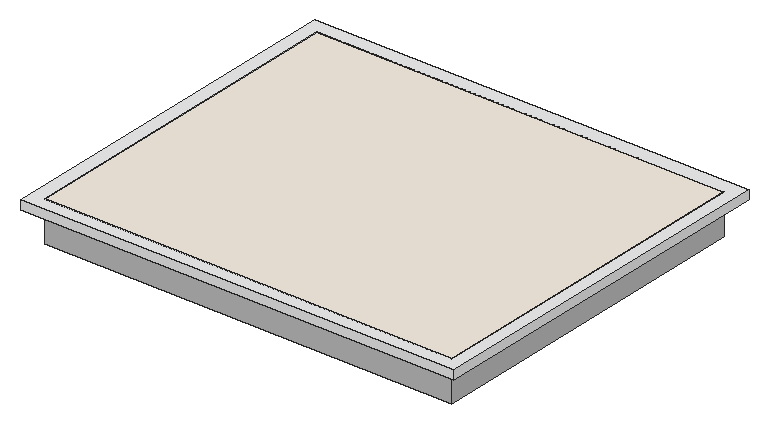
Revit family "Lighting-Industrial-GEWISS-ELIA-HL-LED_HIGHBAY", category Apparecchi per illuminazione, host Superficie, Revit 2019 (continued)
Parameters (values of type "GWF1001QM840 - ELIA HL L2 120° 4000K S.ALONE DALI")
    6 \r\n1060.92 993.16 929.88 869.82 811.58 755.86 703.50 652.96 \r\n603.54 555.66 509.88 466.06 424.20 384.02 344.96 308.42 \r\n275.70 245.55 217.20 190.57 165.23 141.55 119.85 99.88 \r\n81.31 64.58 49.95 37.44 27.14 19.13 13.72 10.39 8.66 8.69 \r\n8142.40 8142.40 8142.40 8145.20 8146.60 8148.00 8150.80 \r\n8153.60 8156.40 8160.60 8163.40 8167.60 8173.20 8177.40 \r\n8183.00 8188.60 8195.60 8201.20 8209.60 8216.60 8225.00 \r\n8232.00 8240.40 8247.40 8255.80 8262.80 8269.80 8278.20 \r\n8286.60 8293.60 8302.00 8310.40 8318.80 8327.20 8337.00 \r\n8346.80 8356.60 8367.80 8377.60 8388.80 8398.60 8409.80 \r\n8419.60 8430.80 8442.00 8451.80 8463.00 8474.20 8484.00 \r\n8496.60 8507.80 8519.00 8530.20 8541.40 8551.20 8562.40 \r\n8573.60 8583.40 8594.60 8603.00 8611.40 8617.00 8624.00 \r\n8628.20 8633.80 8636.60 8639.40 8639.40 8639.40 8636.60 \r\n8633.80 8631.00 8625.40 8618.40 8608.60 8597.40 8584.80 \r\n8570.80 8552.60 8535.80 8514.80 8493.80 8470.00 8444.80 \r\n8416.80 8387.40 8355.20 8320.20 8282.40 8246.00 8205.40 \r\n8157.80 8106.00 8048.60 7987.00 7919.80 7845.60 7760.20 \r\n7665.00 7560.00 7446.60 7329.00 7204.40 7081.20 6953.80 \r\n6818.00 6669.60 6507.20 6335.00 6151.60 5964.00 5776.40 \r\n5590.20 5409.60 5229.00 5054.00 4883.20 4722.20 4562.60 \r\n4397.40 4235.00 4076.80 3922.80 3767.40 3614.80 3470.60 \r\n3329.20 3186.40 3045.00 2909.20 2777.18 2652.02 2531.20 \r\n2412.76 2297.12 2183.44 2072.98 1967.28 1864.38 1763.44 \r\n1664.46 1567.30 1472.66 1381.52 1294.16 1211.28 1133.44 \r\n1061.06 993.30 929.88 869.82 811.72 756.00 703.36 652.96 \r\n603.54 555.80 510.30 466.62 424.48 384.30 345.38 308.98 \r\n276.04 245.74 217.32 190.65 165.37 141.74 120.01 99.97 \r\n81.42 64.71 49.99 37.44 27.17 19.24 13.86 10.51 8.74 8.69 \r\n8142.40 8142.40 8142.40 8145.20 8146.60 8148.00 8149.40 \r\n8153.60 8156.40 8159.20 8163.40 8167.60 8173.20 8177.40 \r\n8183.00 8188.60 8195.60 8201.20 8209.60 8216.60 8225.00 \r\n8232.00 8240.40 8247.40 8255.80 8264.20 8269.80 8278.20 \r\n8286.60 8295.00 8302.00 8311.80 8320.20 8330.00 8338.40 \r\n8348.20 8358.00 8369.20 8380.40 8390.20 8400.00 8409.80 \r\n8421.00 8430.80 8442.00 8453.20 8465.80 8475.60 8486.80 \r\n8496.60 8509.20 8520.40 8531.60 8542.80 8554.00 8565.20 \r\n8575.00 8586.20 8594.60 8603.00 8611.40 8619.80 8625.40 \r\n8631.00 8635.20 8639.40 8640.80 8642.20 8640.80 8639.40 \r\n8636.60 8632.40 8628.20 8619.80 8611.40 8600.20 8587.60 \r\n8572.20 8555.40 8535.80 8517.60 8495.20 8472.80 8446.20 \r\n8418.20 8387.40 8356.60 8321.60 8285.20 8246.00 8204.00 \r\n8157.80 8107.40 8050.00 7988.40 7919.80 7845.60 7761.60 \r\n7666.40 7560.00 7448.00 7329.00 7204.40 7082.60 6952.40 \r\n6815.20 6669.60 6507.20 6335.00 6151.60 5965.40 5777.80 \r\n5593.00 5409.60 5230.40 5055.40 4884.60 4723.60 4562.60 \r\n4398.80 4235.00 4078.20 3924.20 3768.80 3617.60 3472.00 \r\n3329.20 3187.80 3047.80 2912.00 2779.28 2653.84 2532.46 \r\n2413.32 2296.98 2183.58 2073.68 1968.12 1865.36 1764.42 \r\n1665.58 1568.28 1473.64 1382.36 1295.00 1212.26 1134.14 \r\n1061.76 993.86 930.30 870.10 811.86 756.28 703.50 652.96 \r\n603.68 556.22 510.86 467.32 425.18 384.58 345.80 309.40 \r\n276.56 246.08 217.55 190.83 165.59 142.02 120.23 100.13 \r\n81.58 64.83 50.06 37.44 27.23 19.36 13.99 10.63 8.82 8.70 \r\n8142.40 8142.40 8142.40 8143.80 8146.60 8148.00 8150.80 \r\n8153.60 8156.40 8159.20 8163.40 8167.60 8173.20 8177.40 \r\n8183.00 8188.60 8194.20 8201.20 8209.60 8216.60 8225.00 \r\n8232.00 8240.40 8248.80 8255.80 8264.20 8271.20 8278.20 \r\n8286.60 8295.00 8304.80 8311.80 8320.20 8330.00 8339.80 \r\n8349.60 8360.80 8369.20 8380.40 8390.20 8401.40 8412.60 \r\n8422.40 8432.20 8444.80 8454.60 8465.80 8477.00 8486.80 \r\n8499.40 8509.20 8521.80 8533.00 8544.20 8554.00 8565.20 \r\n8576.40 8586.20 8597.40 8605.80 8614.20 8621.20 8628.20 \r\n8633.80 8638.00 8640.80 8643.60 8643.60 8642.20 8640.80 \r\n8638.00 8633.80 8628.20 8621.20 8612.80 8603.00 8589.00 \r\n8573.60 8556.80 8538.60 8519.00 8498.00 8472.80 8447.60 \r\n8419.60 8388.80 8356.60 8323.00 8285.20 8247.40 8205.40 \r\n8159.20 8107.40 8050.00 7988.40 7921.20 7845.60 7761.60 \r\n7666.40 7561.40 7448.00 7329.00 7205.80 7082.60 6952.40 \r\n6815.20 6668.20 6507.20 6335.00 6154.40 5966.80 5779.20 \r\n5594.40 5411.00 5231.80 5056.80 4886.00 4723.60 4564.00 \r\n4400.20 4236.40 4078.20 3924.20 3770.20 3619.00 3474.80 \r\n3332.00 3189.20 3050.60 2913.40 2781.52 2655.80 2533.86 \r\n2413.74 2296.84 2184.00 2074.66 1969.24 1866.62 1765.68 \r\n1666.84 1569.54 1474.90 1383.48 1296.12 1213.38 1135.12 \r\n1062.60 994.56 930.86 870.38 812.28 756.70 703.92 653.10 \r\n603.96 556.64 511.42 468.02 425.74 385.14 346.36 310.24 \r\n277.10 246.48 217.85 191.10 165.89 142.35 120.51 100.34 \r\n81.77 65.00 50.15 37.46 27.29 19.48 14.12 10.75 8.89 8.71 \r\n8142.40 8142.40 8142.40 8143.80 8146.60 8149.40 8150.80 \r\n8153.60 8156.40 8159.20 8163.40 8167.60 8173.20 8177.40 \r\n8183.00 8188.60 8194.20 8201.20 8209.60 8216.60 8225.00 \r\n8232.00 8240.40 8248.80 8255.80 8264.20 8272.60 8279.60 \r\n8288.00 8296.40 8304.80 8314.60 8321.60 8331.40 8341.20 \r\n8351.00 8360.80 8370.60 8381.80 8393.00 8402.80 8412.60 \r\n8423.80 8433.60 8444.80 8456.00 8467.20 8478.40 8489.60 \r\n8499.40 8512.00 8523.20 8534.40 8545.60 8556.80 8568.00 \r\n8577.80 8589.00 8597.40 8608.60 8615.60 8624.00 8629.60 \r\n8635.20 8639.40 8642.20 8643.60 8645.00 8643.60 8642.20 \r\n8639.40 8635.20 8629.60 8624.00 8614.20 8603.00 8591.80 \r\n8576.40 8559.60 8540.00 8521.80 8499.40 8475.60 8449.00 \r\n8421.00 8391.60 8359.40 8323.00 8285.20 8247.40 8205.40 \r\n8159.20 8107.40 8051.40 7989.80 7921.20 7845.60 7761.60 \r\n7666.40 7560.00 7446.60 7329.00 7205.80 7081.20 6951.00 \r\n6813.80 6666.80 6505.80 6335.00 6154.40 5968.20 5782.00 \r\n5595.80 5412.40 5233.20 5056.80 4886.00 4723.60 4564.00 \r\n4398.80 4236.40 4078.20 3924.20 3770.20 3621.80 3476.20 \r\n3333.40 3190.60 3050.60 2914.80 2784.04 2657.76 2535.26 \r\n2414.30 2296.70 2184.28 2075.78 1970.50 1867.88 1767.22 \r\n1668.52 1571.08 1476.30 1384.88 1297.38 1214.64 1136.52 \r\n1063.72 995.54 931.56 870.80 812.70 757.26 704.20 653.38 \r\n604.24 557.06 511.98 468.72 426.44 385.84 347.20 311.08 \r\n277.72 246.99 218.25 191.42 166.25 142.74 120.83 100.59 \r\n81.98 65.20 50.25 37.49 27.36 19.61 14.25 10.86 8.96 8.72 \r\n8142.40 8142.40 8142.40 8143.80 8146.60 8149.40 8150.80 \r\n8153.60 8156.40 8159.20 8163.40 8167.60 8173.20 8177.40 \r\n8183.00 8188.60 8194.20 8202.60 8209.60 8216.60 8225.00 \r\n8233.40 8240.40 8248.80 8257.20 8264.20 8272.60 8279.60 \r\n8288.00 8296.40 8306.20 8314.60 8324.40 8332.80 8342.60 \r\n8352.40 8362.20 8373.40 8383.20 8393.00 8404.20 8414.00 \r\n8423.80 8435.00 8446.20 8457.40 8468.60 8478.40 8489.60 \r\n8502.20 8512.00 8524.60 8535.80 8545.60 8556.80 8568.00 \r\n8579.20 8590.40 8600.20 8610.00 8618.40 8625.40 8632.40 \r\n8636.60 8642.20 8645.00 8645.00 8645.00 8645.00 8643.60 \r\n8640.80 8636.60 8631.00 8625.40 8615.60 8605.80 8591.80 \r\n8577.80 8561.00 8542.80 8523.20 8500.80 8477.00 8449.00 \r\n8421.00 8391.60 8359.40 8324.40 8285.20 8247.40 8205.40 \r\n8159.20 8107.40 8051.40 7989.80 7922.60 7847.00 7760.20 \r\n7666.40 7560.00 7446.60 7329.00 7205.80 7081.20 6951.00 \r\n6812.40 6665.40 6507.20 6336.40 6155.80 5969.60 5783.40 \r\n5597.20 5415.20 5234.60 5058.20 4887.40 4725.00 4565.40 \r\n4400.20 4236.40 4079.60 3924.20 3773.00 3623.20 3479.00 \r\n3334.80 3192.00 3053.40 2917.60 2786.42 2660.14 2536.94 \r\n2415.00 2296.70 2184.84 2077.04 1971.90 1869.42 1768.76 \r\n1670.06 1572.62 1477.84 1386.42 1298.92 1216.18 1137.92 \r\n1065.12 996.52 932.40 871.50 813.26 757.82 704.62 653.66 \r\n604.66 557.62 512.82 469.56 427.14 386.26 347.90 311.78 \r\n278.52 247.56 218.69 191.79 166.64 143.19 121.20 100.86 \r\n82.22 65.41 50.36 37.53 27.45 19.73 14.38 10.97 9.03 8.73 \r\n8142.40 8142.40 8143.80 8143.80 8146.60 8149.40 8150.80 \r\n8153.60 8156.40 8159.20 8162.00 8167.60 8173.20 8177.40 \r\n8183.00 8188.60 8194.20 8202.60 8209.60 8216.60 8225.00 \r\n8233.40 8240.40 8248.80 8257.20 8265.60 8274.00 8282.40 \r\n8289.40 8297.80 8306.20 8316.00 8324.40 8334.20 8344.00 \r\n8353.80 8365.00 8373.40 8384.60 8394.40 8405.60 8415.40 \r\n8426.60 8436.40 8447.60 8458.80 8468.60 8479.80 8492.40 \r\n8502.20 8514.80 8526.00 8535.80 8548.40 8559.60 8570.80 \r\n8580.60 8591.80 8601.60 8611.40 8619.80 8626.80 8633.80 \r\n8639.40 8643.60 8646.40 8646.40 8646.40 8646.40 8645.00 \r\n8642.20 8638.00 8633.80 8625.40 8618.40 8607.20 8594.60 \r\n8579.20 8562.40 8544.20 8524.60 8502.20 8477.00 8451.80 \r\n8422.40 8393.00 8360.80 8324.40 8286.60 8247.40 8205.40 \r\n8159.20 8107.40 8052.80 7991.20 7922.60 7847.00 7760.20 \r\n7665.00 7558.60 7446.60 7327.60 7204.40 7081.20 6949.60 \r\n6812.40 6664.00 6505.80 6336.40 6155.80 5969.60 5784.80 \r\n5600.00 5415.20 5234.60 5058.20 4887.40 4725.00 4564.00 \r\n4400.20 4236.40 4079.60 3925.60 3773.00 3624.60 3479.00 \r\n3336.20 3194.80 3056.20 2920.40 2788.94 2662.24 2538.48 \r\n2415.70 2297.12 2185.68 2078.30 1973.44 1870.82 1770.44 \r\n1671.88 1574.44 1479.38 1387.96 1300.46 1217.58 1139.32 \r\n1066.38 997.78 933.10 872.06 813.82 758.38 705.18 653.94 \r\n605.08 558.18 513.52 470.40 427.84 386.96 348.60 312.62 \r\n279.22 248.16 219.18 192.19 167.08 143.65 121.58 101.15 \r\n82.47 65.60 50.48 37.59 27.52 19.86 14.51 11.08 9.10 8.74 \r\n8142.40 8142.40 8143.80 8143.80 8146.60 8148.00 8150.80 \r\n8153.60 8156.40 8159.20 8163.40 8167.60 8173.20 8176.00 \r\n8183.00 8188.60 8195.60 8202.60 8209.60 8218.00 8225.00 \r\n8233.40 8241.80 8248.80 8257.20 8265.60 8274.00 8282.40 \r\n8290.80 8299.20 8309.00 8316.00 8325.80 8335.60 8345.40 \r\n8353.80 8365.00 8374.80 8386.00 8397.20 8405.60 8416.80 \r\n8426.60 8437.80 8447.60 8458.80 8471.40 8481.20 8492.40 \r\n8503.60 8516.20 8526.00 8538.60 8549.80 8559.60 8570.80 \r\n8582.00 8593.20 8604.40 8612.80 8622.60 8628.20 8635.20 \r\n8640.80 8645.00 8647.80 8649.20 8649.20 8647.80 8646.40 \r\n8643.60 8640.80 8635.20 8628.20 8619.80 8608.60 8596.00 \r\n8582.00 8563.80 8545.60 8526.00 8503.60 8478.40 8453.20 \r\n8422.40 8393.00 8360.80 8325.80 8286.60 8247.40 8206.80 \r\n8159.20 8107.40 8052.80 7992.60 7922.60 7847.00 7760.20 \r\n7663.60 7557.20 7445.20 7326.20 7204.40 7079.80 6949.60 \r\n6811.00 6664.00 6505.80 6336.40 6157.20 5971.00 5786.20 \r\n5600.00 5418.00 5234.60 5059.60 4888.80 4725.00 4565.40 \r\n4401.60 4237.80 4079.60 3925.60 3773.00 3626.00 3481.80 \r\n3337.60 3196.20 3056.20 2923.20 2791.46 2664.34 2540.02 \r\n2416.82 2297.54 2186.52 2079.98 1974.98 1872.36 1771.98 \r\n1673.42 1575.98 1480.92 1389.64 1302.00 1219.26 1141.00 \r\n1067.78 999.04 934.08 872.76 814.66 759.08 705.46 654.36 \r\n605.36 558.74 514.22 471.24 428.54 387.52 349.44 313.60 \r\n280.10 248.79 219.70 192.65 167.54 144.12 121.98 101.47 \r\n82.74 65.83 50.62 37.67 27.62 19.99 14.63 11.18 9.17 8.75 \r\n8142.40 8142.40 8143.80 8143.80 8146.60 8148.00 8150.80 \r\n8153.60 8156.40 8159.20 8163.40 8167.60 8173.20 8176.00 \r\n8183.00 8188.60 8195.60 8202.60 8209.60 8218.00 8225.00 \r\n8233.40 8241.80 8250.20 8257.20 8265.60 8274.00 8282.40 \r\n8290.80 8300.60 8309.00 8318.80 8327.20 8337.00 8345.40 \r\n8356.60 8366.40 8377.60 8386.00 8397.20 8408.40 8416.80 \r\n8428.00 8437.80 8449.00 8460.20 8471.40 8482.60 8493.80 \r\n8505.00 8516.20 8528.80 8538.60 8549.80 8562.40 8573.60 \r\n8584.80 8596.00 8605.80 8614.20 8622.60 8631.00 8638.00 \r\n8642.20 8647.80 8649.20 8650.60 8650.60 8650.60 8647.80 \r\n8645.00 8642.20 8636.60 8629.60 8621.20 8610.00 8597.40 \r\n8582.00 8565.20 8547.00 8526.00 8505.00 8479.80 8451.80 \r\n8423.80 8394.40 8360.80 8325.80 8288.00 8247.40 8205.40 \r\n8159.20 8107.40 8052.80 7992.60 7924.00 7845.60 7758.80 \r\n7662.20 7555.80 7443.80 7324.80 7204.40 7078.40 6948.20 \r\n6809.60 6662.60 6504.40 6336.40 6157.20 5972.40 5787.60 \r\n5601.40 5418.00 5237.40 5059.60 4888.80 4726.40 4564.00 \r\n4400.20 4237.80 4079.60 3925.60 3775.80 3627.40 3481.80 \r\n3339.00 3197.60 3059.00 2923.20 2793.56 2666.30 2541.56 \r\n2417.80 2298.24 2187.64 2081.52 1976.52 1873.90 1773.66 \r\n1675.24 1577.66 1482.60 1391.04 1303.54 1220.80 1142.54 \r\n1069.18 1000.30 935.06 873.46 815.22 759.64 706.02 654.78 \r\n606.06 559.30 514.92 472.08 429.24 388.36 350.14 314.44 \r\n280.85 249.42 220.25 193.12 168.00 144.59 122.39 101.79 \r\n83.01 66.04 50.76 37.76 27.73 20.12 14.76 11.28 9.23 8.76 \r\n8142.40 8142.40 8143.80 8143.80 8146.60 8148.00 8150.80 \r\n8153.60 8156.40 8159.20 8163.40 8167.60 8173.20 8176.00 \r\n8183.00 8190.00 8195.60 8202.60 8209.60 8218.00 8225.00 \r\n8233.40 8241.80 8250.20 8258.60 8267.00 8275.40 8283.80 \r\n8292.20 8300.60 8309.00 8318.80 8328.60 8338.40 8348.20 \r\n8356.60 8366.40 8377.60 8387.40 8398.60 8408.40 8419.60 \r\n8429.40 8439.20 8450.40 8461.60 8472.80 8484.00 8495.20 \r\n8506.40 8519.00 8528.80 8541.40 8552.60 8563.80 8575.00 \r\n8586.20 8597.40 8607.20 8617.00 8624.00 8632.40 8639.40 \r\n8645.00 8647.80 8650.60 8652.00 8652.00 8650.60 8649.20 \r\n8646.40 8642.20 8636.60 8631.00 8622.60 8612.80 8598.80 \r\n8583.40 8566.60 8548.40 8527.40 8506.40 8479.80 8453.20 \r\n8425.20 8394.40 8360.80 8325.80 8288.00 8248.80 8206.80 \r\n8159.20 8108.80 8054.20 7994.00 7924.00 7845.60 7758.80 \r\n7660.80 7554.40 7442.40 7323.40 7203.00 7077.00 6948.20 \r\n6808.20 6661.20 6503.00 6335.00 6157.20 5972.40 5787.60 \r\n5602.80 5418.00 5237.40 5061.00 4890.20 4726.40 4565.40 \r\n4400.20 4239.20 4079.60 3925.60 3775.80 3628.80 3483.20 \r\n3340.40 3199.00 3060.40 2926.00 2796.08 2668.26 2543.24 \r\n2418.92 2299.22 2188.90 2083.20 1978.34 1875.58 1775.20 \r\n1676.78 1579.06 1483.86 1392.58 1305.08 1222.34 1144.22 \r\n1070.72 1001.42 935.90 874.02 815.78 760.20 706.44 655.06 \r\n606.34 559.86 515.62 472.64 429.94 388.92 350.98 315.28 \r\n281.64 250.05 220.79 193.59 168.48 145.04 122.79 102.10 \r\n83.26 66.25 50.92 37.86 27.84 20.25 14.87 11.38 9.29 8.77 \r\n8142.40 8142.40 8143.80 8143.80 8146.60 8148.00 8150.80 \r\n8153.60 8156.40 8159.20 8163.40 8167.60 8173.20 8176.00 \r\n8183.00 8190.00 8197.00 8202.60 8211.00 8218.00 8226.40 \r\n8234.80 8241.80 8250.20 8258.60 8267.00 8275.40 8283.80 \r\n8292.20 8300.60 8310.40 8318.80 8328.60 8338.40 8348.20 \r\n8358.00 8369.20 8377.60 8387.40 8398.60 8409.80 8419.60 \r\n8430.80 8440.60 8451.80 8461.60 8474.20 8485.40 8496.60 \r\n8509.20 8519.00 8531.60 8542.80 8554.00 8566.60 8577.80 \r\n8589.00 8600.20 8610.00 8618.40 8626.80 8633.80 8640.80 \r\n8646.40 8649.20 8652.00 8654.80 8654.80 8652.00 8650.60 \r\n8647.80 8643.60 8638.00 8632.40 8622.60 8614.20 8600.20 \r\n8584.80 8568.00 8548.40 8528.80 8506.40 8481.20 8454.60 \r\n8425.20 8394.40 8362.20 8327.20 8289.40 8250.20 8208.20 \r\n8160.60 8110.20 8055.60 7995.40 7925.40 7845.60 7757.40 \r\n7659.40 7553.00 7438.20 7323.40 7201.60 7078.40 6948.20 \r\n6808.20 6659.80 6503.00 6335.00 6155.80 5972.40 5787.60 \r\n5601.40 5418.00 5237.40 5062.40 4891.60 4726.40 4564.00 \r\n4401.60 4239.20 4079.60 3924.20 3775.80 3628.80 3484.60 \r\n3340.40 3199.00 3060.40 2927.40 2796.92 2669.10 2544.50 \r\n2421.02 2302.30 2192.26 2086.14 1980.30 1876.84 1776.32 \r\n1677.76 1580.04 1484.56 1393.28 1305.92 1223.18 1145.06 \r\n1071.56 1002.40 936.60 874.58 816.20 760.48 707.00 655.62 \r\n606.76 560.28 515.76 472.78 430.08 389.20 351.26 315.70 \r\n282.00 250.49 221.28 194.12 168.90 145.33 123.06 102.40 \r\n83.48 66.42 51.09 38.04 27.98 20.37 14.98 11.47 9.35 8.78 \r\n8142.40 8142.40 8143.80 8143.80 8146.60 8148.00 8150.80 \r\n8153.60 8156.40 8159.20 8163.40 8167.60 8173.20 8177.40 \r\n8183.00 8190.00 8197.00 8202.60 8211.00 8218.00 8226.40 \r\n8234.80 8243.20 8253.00 8260.00 8268.40 8276.80 8285.20 \r\n8293.60 8303.40 8311.80 8321.60 8330.00 8338.40 8348.20 \r\n8359.40 8369.20 8379.00 8388.80 8398.60 8409.80 8421.00 \r\n8430.80 8442.00 8451.80 8463.00 8475.60 8486.80 8496.60 \r\n8509.20 8521.80 8533.00 8545.60 8556.80 8568.00 8579.20 \r\n8590.40 8601.60 8612.80 8621.20 8628.20 8636.60 8643.60 \r\n8649.20 8652.00 8654.80 8654.80 8654.80 8654.80 8653.40 \r\n8650.60 8646.40 8640.80 8633.80 8625.40 8614.20 8601.60 \r\n8586.20 8569.40 8549.80 8530.20 8507.80 8482.60 8454.60 \r\n8426.60 8395.80 8363.60 8328.60 8290.80 8251.60 8209.60 \r\n8163.40 8111.60 8058.40 7996.80 7925.40 7845.60 7756.00 \r\n7658.00 7551.60 7436.80 7320.60 7201.60 7077.00 6946.80 \r\n6808.20 6659.80 6501.60 6335.00 6155.80 5971.00 5784.80 \r\n5600.00 5418.00 5237.40 5062.40 4890.20 4726.40 4565.40 \r\n4400.20 4239.20 4081.00 3925.60 3774.40 3628.80 3483.20 \r\n3340.40 3200.40 3063.20 2927.40 2797.62 2669.94 2545.62 \r\n2423.26 2305.52 2195.48 2089.08 1982.40 1878.24 1777.30 \r\n1678.60 1580.46 1485.12 1393.84 1306.76 1224.02 1145.76 \r\n1072.40 1003
